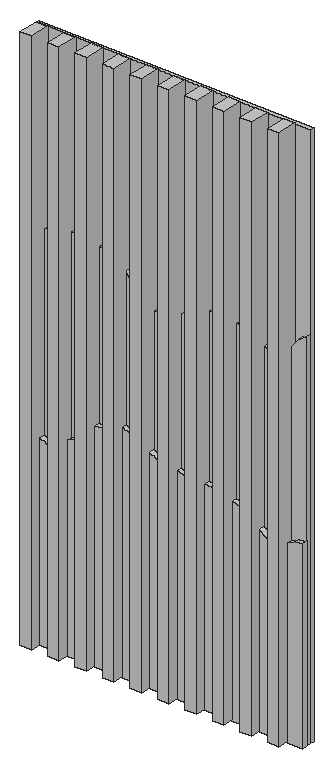
Revit family "MIRAGE_RFA", category Modelos genéricos, Revit 2022 (continued)
Forms (in)
  Extrusion 379, solid, not visible
    sketch origin (96, 96, 0) x (1, 0, 0) y (0, 1, 0)
      loop
        line (3, 96) -> (0, 96)
      loop
        line (46, 2) -> (46, 51)
        arc (46, 51) -> (33.40559, 81.40559) -> (3, 94) r 43
        line (3, 94) -> (2.00001, 94) -> (2.00001, 2) -> (46, 2)
    from 0 to 6
  Extrusion 380, solid, not visible
    sketch origin (96, 96, 0) x (1, 0, 0) y (0, 1, 0)
      loop
        line (2.00001, 89.47753) -> (2.00001, 88.53265) -> (23.98334, 88.53265)
        arc (23.98334, 88.53265) -> (23.09514, 89.0156) -> (22.19583, 89.47753) r 43
        line (22.19583, 89.47753) -> (2.00001, 89.47753)
      loop
        line (2.00001, 84.01018) -> (2.00001, 83.0653) -> (31.6499, 83.0653)
        arc (31.6499, 83.0653) -> (31.10688, 83.54233) -> (30.55591, 84.01018) r 43
        line (30.55591, 84.01018) -> (2.00001, 84.01018)
      loop
        line (2.00001, 78.54284) -> (2.00001, 77.59795) -> (36.78681, 77.59795)
        arc (36.78681, 77.59795) -> (36.40729, 78.0731) -> (36.02109, 78.54284) r 43
        line (36.02109, 78.54284) -> (2.00001, 78.54284)
      loop
        line (2.00001, 73.07548) -> (2.00001, 72.1306) -> (40.44994, 72.1306)
        arc (40.44994, 72.1306) -> (40.1784, 72.60479) -> (39.90085, 73.07548) r 43
        line (39.90085, 73.07548) -> (2.00001, 73.07548)
      loop
        line (2.00001, 67.60813) -> (2.00001, 66.66325) -> (43.04576, 66.66325)
        arc (43.04576, 66.66325) -> (42.85728, 67.13682) -> (42.66321, 67.60813) r 43
        line (42.66321, 67.60813) -> (2.00001, 67.60813)
      loop
        line (2.00001, 62.14079) -> (2.00001, 61.19591) -> (44.77372, 61.19591)
        arc (44.77372, 61.19591) -> (44.65539, 61.66904) -> (44.53171, 62.14079) r 43
        line (44.53171, 62.14079) -> (2.00001, 62.14079)
      loop
        line (2.00001, 56.67344) -> (2.00001, 55.72856) -> (45.73922, 55.72856)
        arc (45.73922, 55.72856) -> (45.68426, 56.20132) -> (45.62408, 56.67344) r 43
        line (45.62408, 56.67344) -> (2.00001, 56.67344)
      loop
        line (2.00001, 51.20609) -> (2.00001, 50.2612) -> (46, 50.2612) -> (46, 51.20609) -> (2.00001, 51.20609)
      loop
        line (2.00001, 45.73874) -> (2.00001, 44.79386) -> (46, 44.79386) -> (46, 45.73874) -> (2.00001, 45.73874)
      loop
        line (2.00001, 40.27139) -> (2.00001, 39.32651) -> (46, 39.32651) -> (46, 40.27139) -> (2.00001, 40.27139)
      loop
        line (2.00001, 34.80404) -> (2.00001, 33.85916) -> (46, 33.85916) -> (46, 34.80404) -> (2.00001, 34.80404)
      loop
        line (2.00001, 29.3367) -> (2.00001, 28.39182) -> (46, 28.39182) -> (46, 29.3367) -> (2.00001, 29.3367)
      loop
        line (2.00001, 23.86935) -> (2.00001, 22.92446) -> (46, 22.92446) -> (46, 23.86935) -> (2.00001, 23.86935)
      loop
        line (2.00001, 18.40199) -> (2.00001, 17.45711) -> (46, 17.45711) -> (46, 18.40199) -> (2.00001, 18.40199)
      loop
        line (2.00001, 12.93465) -> (2.00001, 11.98977) -> (46, 11.98977) -> (46, 12.93465) -> (2.00001, 12.93465)
      loop
        line (2.00001, 7.4673) -> (2.00001, 6.52242) -> (46, 6.52242) -> (46, 7.4673) -> (2.00001, 7.4673)
    from 1 to 6
  Extrusion 381, solid
    sketch origin (0, 0, 0) x (1, 0, 0) y (0, 0, 1)
      loop
        line (0, 96) -> (0, 0) -> (48, 0) -> (48, 96) -> (0, 96)
    from 0 to 0.47244
  Extrusion 382, solid
    sketch origin (0, 0, 0.5) x (1, 0, 0) y (0, 0, 1)
      loop
        line (48, -0.5) -> (48, 63.5) -> (46.6, 62.53864) -> (45.2, 60.75134) -> (43.24097, 58.79231) -> (41.8, 58.64126) -> (40.4, 59.35359) -> (38.4, 59.87121) -> (37, 61.13275) -> (35.6, 61.27919) -> (33.6, 62.18296) -> (32.2, 61.55475) -> (30.8, 61.5267) -> (28.8, 60.54571) -> (27.36236, 60.23137) -> (26, 59.26289) -> (24, 57.84112) -> (22.6, 58.45585) -> (21.2, 58.14594) -> (19.2, 59.36367) -> (17.8, 60.58239) -> (16.4, 62.81282) -> (14.4, 63.63325) -> (13, 64.48491) -> (11.59055, 64.83895) -> (9.6, 64.83895) -> (8.2, 65.69061) -> (6.8, 65.48317) -> (4.8, 65.75283) -> (3.4, 64.74159) -> (2, 64.23035) -> (2, -0.5) -> (48, -0.5)
    from 0.47244 to 1.41732
  Extrusion 383, solid
    sketch origin (0, 0, 0) x (1, 0, 0) y (0, 0, 1)
      loop
        line (48, 0) -> (48, 32) -> (46.6, 31.77344) -> (45.2, 31.13786) -> (43.2, 30.52205) -> (41.8, 30.79179) -> (40.4, 31.72101) -> (38.4, 32.32135) -> (37, 33.86964) -> (35.6, 34.36182) -> (33.6, 35.44806) -> (30.8, 35.38566) -> (28.8, 35.84109) -> (27.4, 35.27432) -> (26, 35.77869) -> (24, 34.73412) -> (22.6, 36.37027) -> (21.2, 37.00641) -> (19.2, 37.4152) -> (17.8, 38.55134) -> (16.4, 39.18749) -> (14.4, 38.49869) -> (13, 37.86233) -> (11.6, 37.72596) -> (9.6, 35.62278) -> (8.2, 34.29827) -> (6.8, 33.76817) -> (4.8, 32.0863) -> (3.4, 32) -> (2, 32.5) -> (2, 0) -> (48, 0)
    from 1.41732 to 2.3622
  Extrusion 384, solid
    sketch origin (0, 0, 0) x (1, 0, 0) y (0, 1, 0)
      loop
        line (2, -4) -> (2, -0.47244) -> (0, -0.47244) -> (0, -4) -> (2, -4)
    from 0 to 96
  Extrusion 385, solid
    sketch origin (4.8, 0, 0) x (1, 0, 0) y (0, 1, 0)
      loop
        line (2, -4) -> (2, -0.47244) -> (0, -0.47244) -> (0, -4) -> (2, -4)
    from 0 to 96
  Extrusion 386, solid
    sketch origin (9.6, 0, 0) x (1, 0, 0) y (0, 1, 0)
      loop
        line (2, -4) -> (2, -0.47244) -> (0, -0.47244) -> (0, -4) -> (2, -4)
    from 0 to 96
  Extrusion 387, solid
    sketch origin (14.4, 0, 0) x (1, 0, 0) y (0, 1, 0)
      loop
        line (2, -4) -> (2, -0.47244) -> (0, -0.47244) -> (0, -4) -> (2, -4)
    from 0 to 96
  Extrusion 388, solid
    sketch origin (19.2, 0, 0) x (1, 0, 0) y (0, 1, 0)
      loop
        line (2, -4) -> (2, -0.47244) -> (0, -0.47244) -> (0, -4) -> (2, -4)
    from 0 to 96
  Extrusion 389, solid
    sketch origin (24, 0, 0) x (1, 0, 0) y (0, 1, 0)
      loop
        line (2, -4) -> (2, -0.47244) -> (0, -0.47244) -> (0, -4) -> (2, -4)
    from 0 to 96
  Extrusion 390, solid
    sketch origin (28.8, 0, 0) x (1, 0, 0) y (0, 1, 0)
      loop
        line (2, -4) -> (2, -0.47244) -> (0, -0.47244) -> (0, -4) -> (2, -4)
    from 0 to 96
  Extrusion 391, solid
    sketch origin (33.6, 0, 0) x (1, 0, 0) y (0, 1, 0)
      loop
        line (2, -4) -> (2, -0.47244) -> (0, -0.47244) -> (0, -4) -> (2, -4)
    from 0 to 96
  Extrusion 392, solid
    sketch origin (38.4, 0, 0) x (1, 0, 0) y (0, 1, 0)
      loop
        line (2, -4) -> (2, -0.47244) -> (0, -0.47244) -> (0, -4) -> (2, -4)
    from 0 to 96
  Extrusion 393, solid
    sketch origin (43.2, 0, 0) x (1, 0, 0) y (0, 1, 0)
      loop
        line (2, -4) -> (2, -0.47244) -> (0, -0.47244) -> (0, -4) -> (2, -4)
    from 0 to 96
Dimensions and locks (in)
  aligned and locked: level to plane 2
